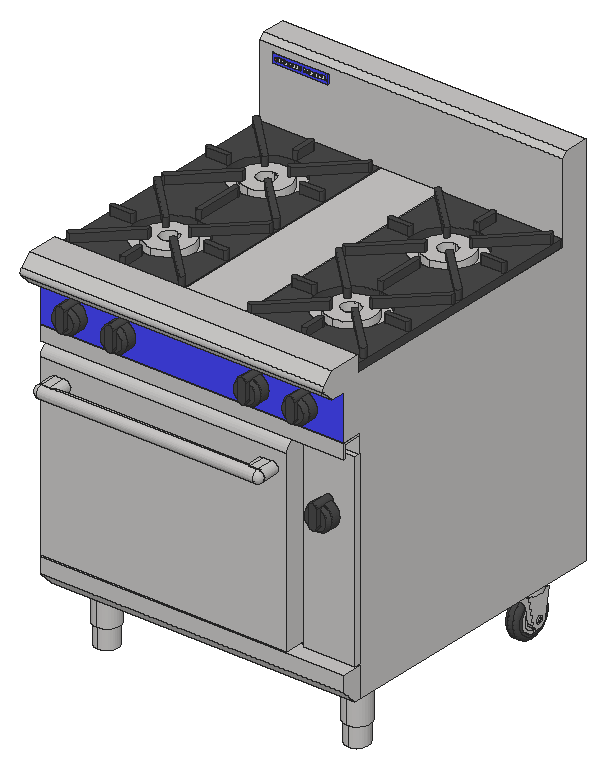
Revit family "QF_MOFFAT_BLUESEAL_CE_G505D", category Specialty Equipment, Revit 2012 (continued)
Lines and regions (mm)
  symbolic lines
    curve 146: line (178.593, -512.407, 0) -> (291.73, -399.27, 0)
    curve 147: line (291.767, -537.634, 0) -> (240.041, -537.634, 0)
    curve 148: arc (150, -480.5, 150) -> (207, -537.5, 150) -> (150, -594.5, 150) r 57
    curve 149: arc (150, -594.5, 150) -> (93, -537.5, 150) -> (150, -480.5, 150) r 57
    curve 150: arc (150, -622.768, 150) -> (235, -537.768, 150) -> (150, -452.768, 150) r 85
    curve 151: arc (150, -452.768, 150) -> (65, -537.768, 150) -> (150, -622.768, 150) r 85
    curve 152: arc (150, -515.5, 150) -> (128, -537.5, 150) -> (150, -559.5, 150) r 22
    curve 153: arc (150, -559.5, 150) -> (172, -537.5, 150) -> (150, -515.5, 150) r 22
    curve 154: line (121.407, -512.407, 0) -> (8.27, -399.27, 0)
    curve 155: line (178.593, -562.593, 0) -> (291.73, -675.73, 0)
    curve 156: line (121.407, -562.593, 0) -> (8.27, -675.73, 0)
    curve 157: line (150.034, -96.281, 0) -> (150.034, -149.16, 0)
    curve 158: line (178.593, -269.593, 0) -> (291.73, -382.73, 0)
    curve 159: line (121.407, -269.593, 0) -> (8.27, -382.73, 0)
    curve 160: line (9.26, -241, 0) -> (59.26, -241, 0)
    curve 161: line (291.767, -241, 0) -> (240.041, -241, 0)
    curve 162: arc (150, -322.5, 150) -> (235, -237.5, 150) -> (150, -152.5, 150) r 85
    curve 163: arc (150, -152.5, 150) -> (65, -237.5, 150) -> (150, -322.5, 150) r 85
    curve 164: arc (150, -180.5, 150) -> (207, -237.5, 150) -> (150, -294.5, 150) r 57
    curve 165: arc (150, -294.5, 150) -> (93, -237.5, 150) -> (150, -180.5, 150) r 57
    curve 166: arc (150, -259.5, 150) -> (172, -237.5, 150) -> (150, -215.5, 150) r 22
    curve 167: arc (150, -215.5, 150) -> (128, -237.5, 150) -> (150, -259.5, 150) r 22
    curve 168: line (178.593, -205.407, 0) -> (291.73, -92.27, 0)
    curve 169: line (121.407, -205.407, 0) -> (8.27, -92.27, 0)
    curve 170: line (32.794, -18.385, 150) -> (260.753, -18.385, 150)
    curve 171: arc (260.753, -18.385, 150) -> (265.753, -19.725, 150) -> (269.413, -23.385, 150) r 10
    curve 172: line (269.413, -23.385, 150) -> (273.455, -30.385, 150)
    curve 173: arc (273.455, -30.385, 150) -> (273.455, -40.385, 150) -> (264.794, -45.385, 150) r 10
    curve 174: line (264.794, -45.385, 150) -> (36.836, -45.385, 150)
    curve 175: arc (36.836, -45.385, 150) -> (31.836, -44.045, 150) -> (28.176, -40.385, 150) r 10
    curve 176: line (28.176, -40.385, 150) -> (24.134, -33.385, 150)
    curve 177: arc (24.134, -33.385, 150) -> (24.134, -23.385, 150) -> (32.794, -18.385, 150) r 10
    curve 178: line (710.753, -18.385, 150) -> (482.794, -18.385, 150)
    curve 179: arc (482.794, -18.385, 150) -> (474.134, -23.385, 150) -> (474.134, -33.385, 150) r 10
    curve 180: line (474.134, -33.385, 150) -> (478.176, -40.385, 150)
    curve 181: arc (478.176, -40.385, 150) -> (481.836, -44.045, 150) -> (486.836, -45.385, 150) r 10
    curve 182: line (486.836, -45.385, 150) -> (714.794, -45.385, 150)
    curve 183: arc (714.794, -45.385, 150) -> (723.455, -40.385, 150) -> (723.455, -30.385, 150) r 10
    curve 184: line (723.455, -30.385, 150) -> (719.413, -23.385, 150)
    curve 185: arc (719.413, -23.385, 150) -> (715.753, -19.725, 150) -> (710.753, -18.385, 150) r 10
    curve 186: line (0, -783.97, 150) -> (750, -783.97, 150)
    curve 187: line (0, -57.5, 150) -> (750, -57.5, 150)
  symbolic lines, style "QF_Door-Drawer Clearances", visible <- "Show Clearance"
    curve 116: line (0, -812, 0) -> (0, -1211.516, 0)
    curve 117: line (0, -1211.516, 0) -> (610, -1211.516, 0)
    curve 118: line (610, -1211.516, 0) -> (610, -812, 0)
Dimensions and locks
  equal spacing: plane 3 "LEFT", plane 7 "Center Y", plane 4 "RIGHT"
  "Width": plane 3 "LEFT" to plane 4 "RIGHT"
  equal spacing: plane 5 "FRONT", plane 8 "Center X", plane 1 "BACK"
  "Depth": plane 5 "FRONT" to plane 1 "BACK"
  equal spacing: plane 4 "RIGHT", plane 7 "Center Y", plane 3 "LEFT"
  plane 4 "RIGHT" to plane 3 "LEFT" = 750 mm
  plane 6 "TOP" to level = 970 mm  (x2)
  Extrusion 2 to level = 655 mm
  Extrusion 2 to plane 1 "BACK" = 32 mm
  plane 5 "FRONT" to plane 1 "BACK" = 812 mm
  Extrusion 1 to level = 915 mm
  plane 10 "Base Height" to level = 150 mm
  plane 6 "TOP" to plane 2 = 970 mm
  locked: plane 2 to Extrusion 1 sketch curve at 875
  locked: plane 2 to Extrusion 1 sketch curve at 915
  Extrusion 4 sketch curve to plane 11 = 64.8 mm
  locked: plane 13 to plane 4 "RIGHT" at 65
  plane 14 to Extrusion 9 sketch curve = 64.8 mm
  plane 1 "BACK" to plane 15 = 500 mm
  plane 17 to level = 1085 mm
  "Height": plane 17 to level
  Revolve 32 sketch curve to Revolve 32 sketch curve = 50.8 mm
  Revolve 36 sketch curve to Revolve 36 sketch curve = 50.8 mm
  aligned and locked: level to plane 2
  aligned and locked: curve 3 to plane 4 "RIGHT"
  aligned and locked: Extrusion 4 to curve 7
  aligned and locked: Extrusion 1 to plane 4 "RIGHT"
  aligned and locked: Revolve 6 to plane 13  (x5)
  aligned and locked: Extrusion 7 to Extrusion 4
Automatic sketch dimensions
  plane 12 to Extrusion 2 sketch curve = 0.062 mm
  plane 1 "BACK" to Extrusion 2 sketch curve = 32 mm
  Revolve 3 sketch curve to plane 10 "Base Height" = 0 mm
  Revolve 3 sketch curve to level = 0 mm
  level to Revolve 3 sketch curve = 50 mm
  Revolve 3 sketch curve to plane 5 "FRONT" = 155.25 mm
  Revolve 3 sketch curve to Revolve 3 sketch curve = 4.25 mm
  Revolve 3 sketch curve to Revolve 3 sketch curve = 27.5 mm  (x2)
  Revolve 3 sketch curve to Revolve 3 sketch curve = 55 mm
  Revolve 3 sketch curve to Revolve 3 sketch curve = 0 mm
  Revolve 6 sketch curve to plane 10 "Base Height" = 0 mm
  Revolve 6 sketch curve to level = 0 mm
  level to Revolve 6 sketch curve = 50 mm
  Revolve 6 sketch curve to plane 5 "FRONT" = 155.25 mm
  Revolve 6 sketch curve to Revolve 6 sketch curve = 4.25 mm
  Revolve 6 sketch curve to Revolve 6 sketch curve = 27.5 mm  (x2)
  Revolve 6 sketch curve to Revolve 6 sketch curve = 0 mm
  Revolve 6 sketch curve to Revolve 6 sketch curve = 55 mm
  plane 12 to Extrusion 8 sketch curve = 5 mm
  Extrusion 8 sketch curve to plane 6 "TOP" = 277.5 mm
  Extrusion 8 sketch curve to plane 12 = 10 mm
  plane 10 "Base Height" to Extrusion 8 sketch curve = 77.5 mm
  Revolve 10 sketch curve to plane 5 "FRONT" = 63 mm
  Revolve 10 sketch curve to Revolve 10 sketch curve = 10 mm
  Revolve 10 sketch curve to Revolve 10 sketch curve = 21.3 mm
  Revolve 10 sketch curve to Revolve 10 sketch curve = 23 mm
  Revolve 10 sketch curve to plane 5 "FRONT" = 19 mm
  Revolve 10 sketch curve to Revolve 10 sketch curve = 0 mm  (x2)
  Revolve 10 sketch curve to plane 6 "TOP" = 174 mm
  Revolve 10 sketch curve to Revolve 10 sketch curve = 5 mm
  Revolve 10 sketch curve to Revolve 10 sketch curve = 26.651 mm
  Revolve 10 sketch curve to Revolve 10 sketch curve = 5.849 mm
  Revolve 11 sketch curve to plane 5 "FRONT" = 19 mm
  Revolve 11 sketch curve to Revolve 11 sketch curve = 0 mm  (x2)
  Revolve 11 sketch curve to Revolve 11 sketch curve = 11 mm
  Revolve 11 sketch curve to Revolve 11 sketch curve = 12.7 mm
  Revolve 11 sketch curve to Revolve 11 sketch curve = 23 mm
  Revolve 11 sketch curve to Revolve 11 sketch curve = 10 mm
  Revolve 11 sketch curve to plane 6 "TOP" = 141.732 mm
  Revolve 11 sketch curve to Revolve 11 sketch curve = 5.849 mm
  Revolve 11 sketch curve to Revolve 11 sketch curve = 27.5 mm
  Revolve 11 sketch curve to Revolve 11 sketch curve = 5 mm
  plane 3 "LEFT" to Extrusion 12 sketch curve = 100 mm
  Extrusion 12 sketch curve to Extrusion 12 sketch curve = 10 mm
  Extrusion 12 sketch curve to plane 6 "TOP" = 147.105 mm
  Extrusion 12 sketch curve to Extrusion 12 sketch curve = 39 mm
  Extrusion 13 sketch curve to plane 7 "Center Y" = 153.818 mm
  Extrusion 13 sketch curve to Extrusion 13 sketch curve = 10 mm
  Extrusion 13 sketch curve to plane 6 "TOP" = 147.105 mm
  Extrusion 13 sketch curve to Extrusion 13 sketch curve = 39 mm
  Revolve 14 sketch curve to plane 5 "FRONT" = 63 mm
  Revolve 14 sketch curve to Revolve 14 sketch curve = 10 mm
  Revolve 14 sketch curve to Revolve 14 sketch curve = 21.3 mm
  Revolve 14 sketch curve to Revolve 14 sketch curve = 23 mm
  Revolve 14 sketch curve to plane 5 "FRONT" = 19 mm
  Revolve 14 sketch curve to Revolve 14 sketch curve = 0 mm  (x2)
  Revolve 14 sketch curve to plane 6 "TOP" = 141.5 mm
  Revolve 14 sketch curve to Revolve 14 sketch curve = 5.849 mm
  Revolve 14 sketch curve to Revolve 14 sketch curve = 27.5 mm
  Revolve 14 sketch curve to Revolve 14 sketch curve = 5 mm
  Revolve 15 sketch curve to plane 5 "FRONT" = 19 mm
  Revolve 15 sketch curve to Revolve 15 sketch curve = 0 mm  (x2)
  Revolve 15 sketch curve to Revolve 15 sketch curve = 11 mm
  Revolve 15 sketch curve to Revolve 15 sketch curve = 12.7 mm
  Revolve 15 sketch curve to Revolve 15 sketch curve = 23 mm
  Revolve 15 sketch curve to Revolve 15 sketch curve = 10 mm
  Revolve 15 sketch curve to plane 6 "TOP" = 174.232 mm
  Revolve 15 sketch curve to Revolve 15 sketch curve = 5 mm
  Revolve 15 sketch curve to Revolve 15 sketch curve = 26.651 mm
  Revolve 15 sketch curve to Revolve 15 sketch curve = 5.849 mm
  plane 16 to Extrusion 16 sketch curve = 26 mm
  Extrusion 16 sketch curve to Extrusion 16 sketch curve = 10 mm
  Extrusion 16 sketch curve to plane 6 "TOP" = 186.105 mm
  Extrusion 16 sketch curve to Extrusion 16 sketch curve = 39 mm
  Extrusion 17 sketch curve to plane 12 = 90 mm
  Extrusion 17 sketch curve to Extrusion 17 sketch curve = 10 mm
  Extrusion 17 sketch curve to plane 6 "TOP" = 186.105 mm
  Extrusion 17 sketch curve to Extrusion 17 sketch curve = 39 mm
  Revolve 18 sketch curve to plane 5 "FRONT" = 54.5 mm
  Revolve 18 sketch curve to Revolve 18 sketch curve = 0 mm  (x2)
  Revolve 18 sketch curve to Revolve 18 sketch curve = 11 mm
  Revolve 18 sketch curve to Revolve 18 sketch curve = 12.7 mm
  Revolve 18 sketch curve to Revolve 18 sketch curve = 23 mm
  Revolve 18 sketch curve to Revolve 18 sketch curve = 10 mm
  plane 10 "Base Height" to Revolve 18 sketch curve = 402.134 mm
  Revolve 18 sketch curve to Revolve 18 sketch curve = 5 mm
  Revolve 18 sketch curve to Revolve 18 sketch curve = 26.651 mm
  Revolve 18 sketch curve to Revolve 18 sketch curve = 5.849 mm
  Extrusion 19 sketch curve to plane 16 = 1.529 mm
  Extrusion 19 sketch curve to plane 13 = 2.529 mm
  plane 10 "Base Height" to Extrusion 19 sketch curve = 390.261 mm
  Extrusion 19 sketch curve to Extrusion 19 sketch curve = 39 mm
  Extrusion 20 sketch curve to plane 5 "FRONT" = 63 mm
  plane 10 "Base Height" to Extrusion 20 sketch curve = 77.5 mm
  plane 5 "FRONT" to Extrusion 20 sketch curve = 399.516 mm
  plane 13 to Extrusion 21 sketch curve = 4 mm
  Extrusion 21 sketch curve to plane 12 = 20 mm
  Extrusion 21 sketch curve to plane 12 = 68.5 mm
  Extrusion 21 sketch curve to plane 1 "BACK" = 30.24 mm
  plane 1 "BACK" to Extrusion 21 sketch curve = 38.76 mm
  plane 9 to Extrusion 21 sketch curve = 12.74 mm
  plane 3 "LEFT" to Extrusion 24 sketch curve = 58.528 mm
  Extrusion 24 sketch curve to plane 6 "TOP" = 361.875 mm  (x2)
  Extrusion 24 sketch curve to plane 12 = 67.243 mm
  Extrusion 24 sketch curve to Extrusion 24 sketch curve = 15 mm  (x2)
  Extrusion 24 sketch curve to Extrusion 24 sketch curve = 20.282 mm  (x2)
  Revolve 25 sketch curve to plane 3 "LEFT" = 6.961 mm
  plane 3 "LEFT" to Revolve 25 sketch curve = 23.246 mm
  Revolve 25 sketch curve to Revolve 25 sketch curve = 15 mm
  Revolve 25 sketch curve to plane 12 = 46.961 mm
  Revolve 25 sketch curve to Revolve 25 sketch curve = 0 mm  (x2)
  Revolve 25 sketch curve to plane 6 "TOP" = 346.875 mm
  Extrusion 26 sketch curve to plane 5 "FRONT" = 63 mm
  Extrusion 26 sketch curve to Extrusion 26 sketch curve = 26.195 mm
  Extrusion 26 sketch curve to Extrusion 26 sketch curve = 50 mm
  plane 10 "Base Height" to Extrusion 26 sketch curve = 77.5 mm
  Extrusion 26 sketch curve to plane 6 "TOP" = 303.695 mm
  Extrusion 27 sketch curve to plane 5 "FRONT" = 63 mm
  Extrusion 27 sketch curve to Extrusion 27 sketch curve = 3.02 mm
  Extrusion 27 sketch curve to Extrusion 27 sketch curve = 44.98 mm
  Extrusion 27 sketch curve to plane 6 "TOP" = 267 mm
  Extrusion 27 sketch curve to Extrusion 27 sketch curve = 32 mm
  Extrusion 27 sketch curve to Extrusion 27 sketch curve = 3 mm
  Extrusion 28 sketch curve to plane 5 "FRONT" = 63 mm
  plane 9 to Extrusion 9 sketch curve = 29 mm
  Extrusion 9 sketch curve to Extrusion 9 sketch curve = 3 mm  (x3)
  Extrusion 9 sketch curve to plane 12 = 20 mm  (x2)
  Extrusion 9 sketch curve to plane 9 = 137.5 mm
  Extrusion 9 sketch curve to plane 15 = 37.768 mm
  Extrusion 9 sketch curve to plane 5 "FRONT" = 110 mm  (x2)
  plane 7 "Center Y" to Extrusion 9 sketch curve = 78 mm
  plane 9 to Extrusion 4 sketch curve = 29 mm
  Extrusion 4 sketch curve to Extrusion 4 sketch curve = 3 mm  (x3)
  Extrusion 4 sketch curve to plane 9 = 137.5 mm
  Extrusion 4 sketch curve to plane 15 = 37.768 mm
  Extrusion 4 sketch curve to plane 5 "FRONT" = 110 mm  (x2)
  Extrusion 4 sketch curve to plane 11 = 84.2 mm  (x2)
  Extrusion 4 sketch curve to plane 7 "Center Y" = 78 mm
  curve 121 to curve 125 = 0 mm  (x2)
  curve 137 to curve 139 = 0 mm  (x2)
  curve 137 to curve 141 = 0 mm  (x2)
  curve 148 to curve 152 = 0 mm
  curve 149 to curve 153 = 0 mm
  curve 163 to curve 165 = 0 mm  (x2)
  curve 163 to curve 166 = 0 mm
  curve 163 to curve 167 = 0 mm
  curve 121 to plane 12 = 20 mm
  curve 123 to curve 121 = 0 mm
  curve 137 to plane 12 = 20 mm
  curve 148 to plane 15 = 37.5 mm
  plane 3 "LEFT" to curve 148 = 150 mm
  curve 150 to curve 148 = 0 mm
  plane 3 "LEFT" to curve 162 = 150 mm
  curve 126 to plane 15 = 37.5 mm
  curve 152 to plane 15 = 15.5 mm
  curve 125 to plane 15 = 15.5 mm
  plane 15 to curve 122 = 19.5 mm
  plane 15 to curve 149 = 19.5 mm
  curve 151 to curve 148 = 27.732 mm
  curve 124 to curve 121 = 27.732 mm
  plane 8 "Center X" to curve 163 = 83.5 mm
  plane 8 "Center X" to curve 137 = 83.5 mm
  curve 140 to curve 137 = 28 mm
  curve 164 to curve 162 = 28 mm
  curve 142 to curve 139 = 35 mm
  curve 166 to curve 164 = 35 mm
  curve 139 to curve 142 = 22 mm
  curve 164 to curve 166 = 22 mm
  curve 121 to curve 123 = 0.268 mm
  curve 148 to curve 151 = 0.268 mm
  plane 1 "BACK" to curve 1 = 0 mm
  curve 1 to plane 3 "LEFT" = 0 mm
  curve 34 to plane 7 "Center Y" = 0 mm
  curve 100 to plane 7 "Center Y" = 0 mm
  curve 46 to plane 7 "Center Y" = 0 mm
  curve 94 to plane 7 "Center Y" = 0 mm
  curve 29 to plane 7 "Center Y" = 0 mm
  curve 106 to plane 7 "Center Y" = 0 mm
  curve 52 to plane 7 "Center Y" = 0 mm
  curve 23 to plane 7 "Center Y" = 0 mm
  curve 89 to plane 7 "Center Y" = 0 mm
  curve 58 to plane 7 "Center Y" = 0 mm
  curve 40 to plane 7 "Center Y" = 0 mm
  curve 17 to plane 7 "Center Y" = 0 mm
  curve 11 to plane 7 "Center Y" = 0 mm
  curve 64 to plane 7 "Center Y" = 0 mm
  curve 83 to plane 7 "Center Y" = 0 mm
  curve 70 to plane 7 "Center Y" = 0 mm
  curve 76 to plane 7 "Center Y" = 0 mm
  plane 5 "FRONT" to curve 118 = 0 mm
  plane 3 "LEFT" to curve 156 = 8.27 mm
  plane 3 "LEFT" to curve 159 = 8.27 mm
  plane 3 "LEFT" to curve 169 = 8.27 mm
  plane 3 "LEFT" to curve 154 = 8.27 mm
  plane 3 "LEFT" to curve 160 = 9.26 mm
  plane 3 "LEFT" to curve 145 = 9.26 mm
  curve 145 to curve 145 = 50 mm
  curve 160 to curve 160 = 50 mm
  curve 145 to curve 156 = 62.147 mm
  curve 160 to curve 159 = 62.147 mm
  curve 169 to curve 159 = 0 mm
  curve 154 to plane 15 = 12.407 mm
  curve 154 to curve 156 = 0 mm
  curve 154 to curve 143 = 28.581 mm
  curve 156 to curve 144 = 28.628 mm
  curve 169 to curve 157 = 28.628 mm
  curve 159 to curve 158 = 57.187 mm
  curve 169 to curve 168 = 57.187 mm
  curve 155 to plane 15 = 62.593 mm
  curve 156 to curve 155 = 57.187 mm
  curve 146 to plane 15 = 12.407 mm
  curve 146 to curve 155 = 0 mm
  curve 155 to curve 147 = 61.447 mm
  curve 158 to curve 161 = 61.447 mm
  plane 8 "Center X" to curve 158 = 23.27 mm
  curve 158 to curve 7 = 8.27 mm
  curve 155 to curve 119 = 8.27 mm
  plane 8 "Center X" to curve 146 = 6.73 mm
  curve 146 to curve 7 = 8.27 mm  (x2)
  plane 9 to curve 168 = 7.73 mm
  curve 168 to curve 119 = 8.27 mm
  curve 161 to curve 161 = 51.727 mm
  curve 147 to curve 147 = 51.727 mm
  curve 69 to plane 7 "Center Y" = 47.424 mm
  curve 147 to curve 81 = 35.809 mm
  plane 15 to curve 74 = 10.963 mm
  curve 74 to curve 68 = 0 mm
  curve 8 to plane 9 = 15.037 mm
  curve 168 to curve 8 = 35.846 mm
  curve 86 to curve 80 = 0 mm
  curve 63 to curve 68 = 0 mm
  curve 14 to curve 8 = 0 mm
  plane 8 "Center X" to curve 57 = 10.963 mm
  curve 57 to curve 62 = 0 mm
  curve 20 to curve 14 = 0 mm
  curve 92 to curve 86 = 0 mm
  curve 51 to curve 56 = 0 mm
  curve 155 to curve 105 = 35.846 mm
  curve 26 to curve 20 = 0 mm
  curve 45 to curve 50 = 0 mm
  curve 32 to curve 26 = 0 mm
  curve 98 to curve 104 = 0 mm
  curve 39 to curve 44 = 0 mm
  curve 67 to plane 8 "Center X" = 23.037 mm
  curve 64 to curve 67 = 47.424 mm
  curve 84 to plane 15 = 23.037 mm
  curve 82 to curve 84 = 47.424 mm
  curve 61 to curve 66 = 0 mm
  curve 55 to curve 60 = 0 mm
  curve 90 to curve 84 = 0 mm
  curve 49 to curve 54 = 0 mm
  curve 43 to curve 48 = 0 mm
  curve 96 to curve 90 = 0 mm
  curve 72 to curve 66 = 0 mm
  curve 37 to curve 42 = 0 mm
  curve 31 to curve 36 = 0 mm
  curve 102 to curve 96 = 0 mm
  curve 25 to curve 30 = 0 mm
  curve 19 to curve 24 = 0 mm
  curve 108 to curve 102 = 0 mm
  plane 15 to curve 78 = 10.963 mm
  curve 78 to curve 84 = 0 mm
  curve 12 to curve 18 = 0 mm
  curve 84 to curve 115 = 35.809 mm
  curve 36 to curve 136 = 35.809 mm
  plane 8 "Center X" to curve 131 = 23.27 mm
  curve 114 to curve 131 = 8.27 mm
  plane 8 "Center X" to curve 113 = 6.73 mm
  curve 114 to curve 113 = 8.27 mm
  plane 9 to curve 133 = 7.73 mm
  curve 120 to curve 133 = 8.27 mm
  curve 120 to curve 128 = 8.27 mm
  curve 115 to curve 115 = 51.727 mm
  curve 136 to curve 136 = 51.727 mm
  curve 133 to plane 12 = 48.593 mm
  curve 113 to plane 15 = 12.407 mm
  curve 113 to plane 12 = 48.593 mm
  curve 131 to plane 12 = 48.593 mm
  curve 128 to plane 12 = 48.593 mm
  plane 9 to curve 130 = 3.719 mm
  curve 130 to plane 12 = 20.034 mm
  curve 111 to plane 12 = 20.034 mm
  curve 110 to plane 12 = 19.988 mm
  curve 117 to plane 12 = 10 mm
  plane 12 to curve 127 = 8.593 mm
  plane 12 to curve 132 = 8.593 mm
  plane 12 to curve 134 = 8.593 mm
  plane 12 to curve 129 = 8.593 mm
  curve 112 to plane 13 = 5.74 mm
  curve 135 to plane 13 = 5.74 mm
  plane 4 "RIGHT" to curve 135 = 9.26 mm
  plane 4 "RIGHT" to curve 112 = 9.26 mm
  plane 4 "RIGHT" to curve 129 = 8.27 mm
  plane 4 "RIGHT" to curve 127 = 8.27 mm
  plane 4 "RIGHT" to curve 132 = 8.27 mm
  plane 4 "RIGHT" to curve 134 = 8.27 mm
  curve 116 to curve 1 = 399.516 mm
  curve 5 to plane 5 "FRONT" = 107 mm
  curve 119 to plane 5 "FRONT" = 107 mm
  curve 120 to plane 5 "FRONT" = 107 mm
  curve 111 to plane 5 "FRONT" = 130.732 mm
  curve 144 to curve 155 = 118.675 mm
  curve 119 to curve 155 = 29.27 mm
  curve 120 to curve 128 = 29.27 mm
  curve 5 to curve 129 = 29.27 mm
  curve 5 to curve 156 = 29.27 mm
  curve 155 to curve 104 = 8.693 mm
  curve 104 to curve 106 = 0 mm
  curve 128 to curve 108 = 8.693 mm
  curve 104 to curve 105 = 8 mm
  curve 108 to curve 109 = 8 mm
  curve 106 to curve 106 = 8 mm
  curve 108 to curve 102 = 18 mm
  curve 106 to curve 100 = 18 mm
  curve 104 to curve 98 = 18 mm
  curve 144 to curve 144 = 52.71 mm
  curve 111 to curve 111 = 52.71 mm
  curve 100 to curve 100 = 8 mm
  curve 98 to curve 99 = 8 mm
  curve 102 to curve 103 = 8 mm
  curve 102 to curve 96 = 18 mm
  curve 100 to curve 94 = 18 mm
  curve 98 to curve 93 = 18 mm
  curve 92 to curve 93 = 8 mm
  curve 96 to curve 97 = 8 mm
  curve 94 to curve 94 = 8 mm
  curve 96 to curve 90 = 18 mm
  curve 94 to curve 89 = 18 mm
  curve 92 to curve 86 = 18 mm
  curve 128 to curve 113 = 50.187 mm
  curve 156 to curve 154 = 50.187 mm
  curve 128 to curve 129 = 0 mm
  curve 90 to curve 90 = 8 mm
  curve 88 to curve 88 = 8 mm
  curve 86 to curve 87 = 8 mm
  curve 86 to curve 147 = 11.403 mm
  curve 112 to plane 15 = 37.634 mm
  curve 145 to plane 15 = 37.634 mm
  curve 90 to curve 115 = 11.403 mm
  curve 86 to curve 80 = 18 mm
  curve 88 to curve 83 = 18 mm
  curve 85 to curve 84 = 8 mm
  curve 82 to curve 83 = 8 mm
  curve 80 to curve 81 = 8 mm
  curve 127 to plane 15 = 12.407 mm
  plane 15 to curve 79 = 2.963 mm
  plane 15 to curve 74 = 2.963 mm
  plane 15 to curve 77 = 2.963 mm
  curve 76 to curve 77 = 8 mm
  curve 78 to curve 72 = 18 mm
  curve 76 to curve 71 = 18 mm
  curve 74 to curve 69 = 18 mm
  curve 70 to curve 71 = 8 mm
  curve 68 to curve 69 = 8 mm
  curve 72 to curve 72 = 8 mm
  curve 110 to plane 8 "Center X" = 42.358 mm
  curve 143 to plane 8 "Center X" = 42.358 mm
  curve 70 to curve 65 = 18 mm
  curve 68 to curve 62 = 18 mm
  curve 62 to curve 63 = 8 mm
  curve 66 to curve 67 = 8 mm
  curve 64 to curve 64 = 8 mm
  plane 8 "Center X" to curve 154 = 6.73 mm
  plane 8 "Center X" to curve 127 = 6.73 mm
  plane 8 "Center X" to curve 59 = 10.963 mm
  plane 8 "Center X" to curve 60 = 10.963 mm
  curve 127 to curve 114 = 8.27 mm
  curve 56 to curve 56 = 8 mm
  curve 60 to curve 61 = 8 mm
  curve 58 to curve 59 = 8 mm
  curve 114 to curve 132 = 8.27 mm
  curve 7 to curve 159 = 8.27 mm
  curve 60 to curve 54 = 18 mm
  curve 56 to curve 50 = 18 mm
  curve 58 to curve 53 = 18 mm
  curve 54 to curve 54 = 8 mm
  curve 50 to curve 51 = 8 mm
  curve 52 to curve 53 = 8 mm
  plane 8 "Center X" to curve 143 = 74.222 mm
  curve 50 to curve 44 = 18 mm
  curve 52 to curve 46 = 18 mm
  curve 54 to curve 49 = 18 mm
  plane 8 "Center X" to curve 110 = 80 mm
  curve 44 to curve 44 = 8 mm
  curve 48 to curve 49 = 8 mm
  curve 46 to curve 46 = 8 mm
  curve 48 to curve 43 = 18 mm
  curve 46 to curve 40 = 18 mm
  curve 44 to curve 38 = 18 mm
  curve 42 to curve 43 = 8 mm
  curve 40 to curve 41 = 8 mm
  curve 38 to curve 38 = 8 mm
  curve 110 to curve 131 = 56.407 mm
  curve 143 to curve 159 = 62.185 mm
  curve 131 to curve 132 = 0 mm
  curve 159 to curve 158 = 0 mm
  curve 40 to curve 35 = 18 mm
  curve 38 to curve 33 = 18 mm
  curve 42 to curve 36 = 18 mm
  curve 36 to curve 36 = 8 mm
  curve 32 to curve 32 = 8 mm
  curve 34 to curve 34 = 8 mm
  curve 158 to curve 161 = 28.593 mm
  curve 132 to curve 135 = 28.593 mm
  curve 36 to curve 136 = 2.037 mm
  curve 159 to curve 160 = 28.593 mm
  curve 34 to curve 28 = 18 mm
  curve 32 to curve 26 = 18 mm
  curve 36 to curve 31 = 18 mm
  curve 30 to curve 31 = 8 mm
  curve 26 to curve 27 = 8 mm
  curve 28 to curve 29 = 8 mm
  curve 159 to curve 169 = 64.187 mm
  curve 132 to curve 134 = 64.187 mm
  curve 133 to curve 134 = 0 mm
  curve 169 to curve 168 = 0 mm
  curve 26 to curve 20 = 18 mm
  curve 28 to curve 22 = 18 mm
  curve 30 to curve 24 = 18 mm
  curve 20 to curve 21 = 8 mm
  curve 24 to curve 25 = 8 mm
  curve 22 to curve 22 = 8 mm
  curve 24 to curve 18 = 18 mm
  curve 20 to curve 15 = 18 mm
  curve 22 to curve 16 = 18 mm
  curve 130 to plane 9 = 49.16 mm
  curve 157 to plane 9 = 49.16 mm
  curve 18 to curve 19 = 8 mm
  curve 14 to curve 14 = 8 mm
  curve 16 to curve 17 = 8 mm
  curve 8 to curve 8 = 8 mm
  curve 16 to curve 10 = 18 mm
  curve 18 to curve 12 = 18 mm
  curve 10 to curve 10 = 8 mm
  curve 12 to curve 13 = 8 mm
  plane 9 to curve 157 = 3.719 mm
  plane 9 to curve 169 = 7.73 mm
  plane 9 to curve 134 = 7.73 mm
  curve 133 to curve 120 = 18.27 mm
  curve 168 to curve 119 = 22.27 mm
  Extrusion 1 sketch curve to plane 10 "Base Height" = 0 mm
  Extrusion 1 sketch curve to plane 17 = 0 mm
  Extrusion 1 sketch curve to plane 1 "BACK" = 0 mm
  plane 9 to Extrusion 1 sketch curve = 42.5 mm
  Extrusion 1 sketch curve to Extrusion 1 sketch curve = 12.5 mm
  Extrusion 1 sketch curve to plane 5 "FRONT" = 107 mm
  Extrusion 1 sketch curve to plane 5 "FRONT" = 113 mm
  Extrusion 1 sketch curve to Extrusion 1 sketch curve = 50 mm
  Extrusion 1 sketch curve to plane 5 "FRONT" = 28.03 mm
  Extrusion 1 sketch curve to plane 5 "FRONT" = 27.03 mm
  Extrusion 1 sketch curve to plane 5 "FRONT" = 12.032 mm
  Extrusion 1 sketch curve to plane 5 "FRONT" = 3.531 mm  (x2)
  Extrusion 1 sketch curve to Extrusion 1 sketch curve = 135 mm
  Extrusion 1 sketch curve to Extrusion 1 sketch curve = 25 mm
  Extrusion 1 sketch curve to Extrusion 1 sketch curve = 23.499 mm
  Extrusion 1 sketch curve to Extrusion 1 sketch curve = 8.501 mm
  Extrusion 1 sketch curve to plane 17 = 12.5 mm
  Extrusion 1 to Extrusion 7 sketch curve = 0 mm
  Extrusion 7 sketch curve to Extrusion 1 = 1 mm
  Extrusion 1 to Extrusion 7 sketch curve = 300 mm
  Extrusion 7 sketch curve to Extrusion 7 sketch curve = 150 mm
  Split face 1 sketch curve to Extrusion 7 = 45.037 mm
  Split face 1 sketch curve to Extrusion 7 = 27.576 mm
  Split face 2 sketch curve to Extrusion 7 = 45.037 mm
  Split face 2 sketch curve to Extrusion 7 = 75 mm
  Split face 3 sketch curve to Extrusion 7 = 45.037 mm
  Split face 3 sketch curve to Extrusion 7 = 27.576 mm
  Split face 4 sketch curve to Extrusion 7 = 27.576 mm
  Split face 4 sketch curve to Extrusion 7 = 79.037 mm
  Split face 5 sketch curve to Extrusion 7 = 79.037 mm
  Split face 5 sketch curve to Extrusion 7 = 75 mm
  Split face 6 sketch curve to Extrusion 7 = 27.576 mm
  Split face 6 sketch curve to Extrusion 7 = 79.037 mm
  Split face 7 sketch curve to Extrusion 7 = 27.576 mm
  Split face 7 sketch curve to Extrusion 7 = 113.037 mm
  Split face 8 sketch curve to Extrusion 7 = 113.037 mm
  Split face 8 sketch curve to Extrusion 7 = 75 mm
  Split face 9 sketch curve to Extrusion 7 = 27.576 mm
  Split face 9 sketch curve to Extrusion 7 = 113.037 mm
  Split face 10 sketch curve to Extrusion 7 = 27.576 mm
  Split face 10 sketch curve to Extrusion 7 = 147.037 mm
  Split face 11 sketch curve to Extrusion 7 = 147.037 mm
  Split face 11 sketch curve to Extrusion 7 = 75 mm
  Split face 12 sketch curve to Extrusion 7 = 27.576 mm
  Split face 12 sketch curve to Extrusion 7 = 147.037 mm
  Split face 13 sketch curve to Extrusion 7 = 27.576 mm
  Split face 13 sketch curve to Extrusion 7 = 181.037 mm
  Split face 14 sketch curve to Extrusion 7 = 75 mm
  Split face 14 sketch curve to Extrusion 7 = 181.037 mm
  Split face 15 sketch curve to Extrusion 7 = 27.576 mm
  Split face 15 sketch curve to Extrusion 7 = 181.037 mm
  Split face 16 sketch curve to Extrusion 7 = 27.576 mm
  Split face 16 sketch curve to Extrusion 7 = 215.037 mm
  Split face 17 sketch curve to Extrusion 7 = 75 mm
  Split face 17 sketch curve to Extrusion 7 = 215.037 mm
  Split face 18 sketch curve to Extrusion 7 = 27.576 mm
  Split face 18 sketch curve to Extrusion 7 = 215.037 mm
  Split face 19 sketch curve to Extrusion 7 = 27.576 mm
  Split face 19 sketch curve to Extrusion 7 = 249.037 mm
  Split face 20 sketch curve to Extrusion 7 = 75 mm
  Split face 20 sketch curve to Extrusion 7 = 249.037 mm
  Split face 21 sketch curve to Extrusion 7 = 27.576 mm
  Split face 21 sketch curve to Extrusion 7 = 249.037 mm
  Split face 22 sketch curve to Extrusion 7 = 27.576 mm
  Split face 22 sketch curve to Extrusion 7 = 283.037 mm
  Split face 23 sketch curve to Extrusion 7 = 75 mm
  Split face 23 sketch curve to Extrusion 7 = 283.037 mm
  Split face 24 sketch curve to Extrusion 7 = 27.576 mm
  Split face 24 sketch curve to Extrusion 7 = 283.037 mm
  Split face 25 sketch curve to Extrusion 7 = 27.576 mm
  Split face 25 sketch curve to Extrusion 7 = 316.963 mm
  Split face 26 sketch curve to Extrusion 7 = 75 mm
  Split face 26 sketch curve to Extrusion 7 = 316.963 mm
  Split face 27 sketch curve to Extrusion 7 = 27.576 mm
  Split face 27 sketch curve to Extrusion 7 = 316.963 mm
  Split face 28 sketch curve to Extrusion 7 = 27.576 mm
  Split face 28 sketch curve to Extrusion 7 = 282.963 mm
  Split face 29 sketch curve to Extrusion 7 = 75 mm
  Split face 29 sketch curve to Extrusion 7 = 282.963 mm
  Split face 30 sketch curve to Extrusion 7 = 27.576 mm
  Split face 30 sketch curve to Extrusion 7 = 282.963 mm
  Split face 31 sketch curve to Extrusion 7 = 27.576 mm
  Split face 31 sketch curve to Extrusion 7 = 248.963 mm
  Split face 32 sketch curve to Extrusion 7 = 75 mm
  Split face 32 sketch curve to Extrusion 7 = 248.963 mm
  Split face 33 sketch curve to Extrusion 7 = 27.576 mm
  Split face 33 sketch curve to Extrusion 7 = 248.963 mm
  Split face 34 sketch curve to Extrusion 7 = 27.576 mm
  Split face 34 sketch curve to Extrusion 7 = 214.963 mm
  Split face 35 sketch curve to Extrusion 7 = 75 mm
  Split face 35 sketch curve to Extrusion 7 = 214.963 mm
  Split face 36 sketch curve to Extrusion 7 = 27.576 mm
  Split face 36 sketch curve to Extrusion 7 = 214.963 mm
  Split face 37 sketch curve to Extrusion 7 = 27.576 mm
  Split face 37 sketch curve to Extrusion 7 = 180.963 mm
  Split face 38 sketch curve to Extrusion 7 = 75 mm
  Split face 38 sketch curve to Extrusion 7 = 180.963 mm
  Split face 39 sketch curve to Extrusion 7 = 27.576 mm
  Split face 39 sketch curve to Extrusion 7 = 180.963 mm
  Split face 40 sketch curve to Extrusion 7 = 27.576 mm
  Split face 40 sketch curve to Extrusion 7 = 146.963 mm
  Split face 41 sketch curve to Extrusion 7 = 146.963 mm
  Split face 41 sketch curve to Extrusion 7 = 75 mm
  Split face 42 sketch curve to Extrusion 7 = 27.576 mm
  Split face 42 sketch curve to Extrusion 7 = 146.963 mm
  Split face 43 sketch curve to Extrusion 7 = 27.576 mm
  Split face 43 sketch curve to Extrusion 7 = 112.963 mm
  Split face 44 sketch curve to Extrusion 7 = 112.963 mm
  Split face 44 sketch curve to Extrusion 7 = 75 mm
  Split face 45 sketch curve to Extrusion 7 = 27.576 mm
  Split face 45 sketch curve to Extrusion 7 = 112.963 mm
  Split face 46 sketch curve to Extrusion 7 = 27.576 mm
  Split face 46 sketch curve to Extrusion 7 = 78.963 mm
  Split face 47 sketch curve to Extrusion 7 = 78.963 mm
  Split face 47 sketch curve to Extrusion 7 = 75 mm
  Split face 48 sketch curve to Extrusion 7 = 27.576 mm
  Split face 48 sketch curve to Extrusion 7 = 78.963 mm
  Split face 49 sketch curve to Extrusion 7 = 44.963 mm
  Split face 49 sketch curve to Extrusion 7 = 27.576 mm
  Split face 50 sketch curve to Extrusion 7 = 44.963 mm
  Split face 50 sketch curve to Extrusion 7 = 75 mm
  Split face 51 sketch curve to Extrusion 7 = 44.963 mm
  Split face 51 sketch curve to Extrusion 7 = 27.576 mm
  plane 4 "RIGHT" to Extrusion 22 sketch curve = 0 mm
  Extrusion 22 sketch curve to plane 6 "TOP" = 270 mm
  plane 12 to Extrusion 22 sketch curve = 5 mm
  plane 10 "Base Height" to Extrusion 22 sketch curve = 77.5 mm
  Extrusion 23 sketch curve to Extrusion 23 sketch curve = 0 mm  (x8)
  Extrusion 1 to Extrusion 23 sketch curve = 167.5 mm  (x2)
  Extrusion 23 sketch curve to Extrusion 1 = 167.5 mm  (x2)
  Extrusion 1 to Extrusion 23 sketch curve = 150 mm  (x4)
  Extrusion 5 sketch curve to Extrusion 4 = 19.102 mm  (x4)
  Extrusion 5 sketch curve to Extrusion 5 sketch curve = 4.525 mm  (x32)
  Extrusion 5 sketch curve to Extrusion 4 = 27.593 mm  (x2)
  Extrusion 5 sketch curve to Extrusion 5 sketch curve = 48.456 mm  (x8)
  Extrusion 5 sketch curve to Extrusion 5 sketch curve = 50.976 mm  (x2)
  Extrusion 5 sketch curve to Extrusion 5 sketch curve = 0 mm  (x8)
  Extrusion 5 sketch curve to Extrusion 5 sketch curve = 27.39 mm  (x4)
  Extrusion 5 sketch curve to Extrusion 4 = 9.156 mm  (x2)
  Extrusion 5 sketch curve to Extrusion 5 sketch curve = 6.4 mm  (x14)
  Extrusion 5 sketch curve to Extrusion 5 sketch curve = 20.658 mm  (x4)
  Extrusion 5 sketch curve to Extrusion 5 sketch curve = 55.923 mm  (x2)
  Extrusion 5 sketch curve to Extrusion 4 = 5.102 mm  (x3)
  Extrusion 5 sketch curve to Extrusion 5 sketch curve = 128.581 mm  (x4)
  Extrusion 4 to Extrusion 5 sketch curve = 156.102 mm  (x3)
  Extrusion 5 sketch curve to Extrusion 4 = 6.102 mm  (x2)
  Extrusion 5 sketch curve to Extrusion 4 = 14.153 mm
  Extrusion 5 sketch curve to Extrusion 5 sketch curve = 12.205 mm  (x4)
  Extrusion 5 sketch curve to Extrusion 5 sketch curve = 112.454 mm  (x2)
  Extrusion 5 sketch curve to Extrusion 5 sketch curve = 59.673 mm  (x2)
  Extrusion 5 sketch curve to Extrusion 5 sketch curve = 17.024 mm  (x4)
  Extrusion 5 sketch curve to Extrusion 5 sketch curve = 46.847 mm  (x4)
  Extrusion 5 sketch curve to Extrusion 5 sketch curve = 62.169 mm  (x2)
  Extrusion 5 sketch curve to Extrusion 4 = 36.153 mm  (x4)
  Extrusion 5 sketch curve to Extrusion 4 = 23.4 mm  (x2)
  Extrusion 5 sketch curve to Extrusion 5 sketch curve = 55.413 mm  (x5)
  Extrusion 5 sketch curve to Extrusion 5 sketch curve = 20.524 mm  (x6)
  Extrusion 5 sketch curve to Extrusion 5 sketch curve = 53.847 mm  (x8)
  Extrusion 5 sketch curve to Extrusion 4 = 58.364 mm  (x2)
  Extrusion 5 sketch curve to Extrusion 4 = 15.153 mm
  Extrusion 5 sketch curve to Extrusion 4 = 9.908 mm  (x2)
  Extrusion 5 sketch curve to Extrusion 5 sketch curve = 9.051 mm
  Extrusion 5 sketch curve to Extrusion 5 sketch curve = 3.806 mm  (x2)
  Extrusion 5 sketch curve to Extrusion 5 sketch curve = 55.661 mm  (x3)
  Extrusion 5 sketch curve to Extrusion 5 sketch curve = 128.447 mm  (x3)
  curve 12 to curve 120 = 27.576 mm
  Split face 52 sketch curve to cut or joined group of Extrusion 1, Extrusion 8, Extrusion 21, Extrusion 22 = 27.115 mm
  Split face 52 sketch curve to cut or joined group of Extrusion 1, Extrusion 8, Extrusion 21, Extrusion 22 = 476.545 mm
  Split face 52 sketch curve to cut or joined group of Extrusion 1, Extrusion 8, Extrusion 21, Extrusion 22 = 23.385 mm
  Split face 52 sketch curve to Split face 52 sketch curve = 4.041 mm  (x4)
  Split face 52 sketch curve to Split face 52 sketch curve = 8.66 mm  (x2)
  Split face 52 sketch curve to cut or joined group of Extrusion 1, Extrusion 8, Extrusion 21, Extrusion 22 = 22.115 mm
  Split face 52 sketch curve to Split face 52 sketch curve = 223.917 mm
  Split face 52 sketch curve to cut or joined group of Extrusion 1, Extrusion 8, Extrusion 21, Extrusion 22 = 17.115 mm
  Split face 52 sketch curve to Split face 52 sketch curve = 17 mm
  Split face 52 sketch curve to Split face 52 sketch curve = 7 mm
  Split face 53 sketch curve to cut or joined group of Extrusion 1, Extrusion 8, Extrusion 21, Extrusion 22 = 27.115 mm
  Split face 53 sketch curve to cut or joined group of Extrusion 1, Extrusion 8, Extrusion 21, Extrusion 22 = 26.545 mm
  Split face 53 sketch curve to cut or joined group of Extrusion 1, Extrusion 8, Extrusion 21, Extrusion 22 = 23.385 mm
  Split face 53 sketch curve to Split face 53 sketch curve = 4.041 mm  (x4)
  Split face 53 sketch curve to Split face 53 sketch curve = 8.66 mm  (x2)
  Split face 53 sketch curve to cut or joined group of Extrusion 1, Extrusion 8, Extrusion 21, Extrusion 22 = 22.115 mm
  Split face 53 sketch curve to Split face 53 sketch curve = 223.917 mm
  Split face 53 sketch curve to cut or joined group of Extrusion 1, Extrusion 8, Extrusion 21, Extrusion 22 = 17.115 mm
  Split face 53 sketch curve to Split face 53 sketch curve = 17 mm
  Split face 53 sketch curve to Split face 53 sketch curve = 7 mm
  plane 1 "BACK" to curve 172 = 30.385 mm
  curve 172 to plane 7 "Center Y" = 101.545 mm
  plane 1 "BACK" to curve 172 = 23.385 mm
  curve 172 to curve 172 = 4.041 mm
  curve 172 to curve 173 = 8.66 mm
  curve 172 to curve 171 = 8.66 mm
  plane 3 "LEFT" to curve 174 = 36.836 mm
  curve 175 to curve 170 = 4.041 mm
  curve 174 to curve 175 = 8.66 mm
  curve 176 to curve 177 = 4.041 mm
  plane 1 "BACK" to curve 170 = 18.385 mm
  curve 170 to curve 177 = 10 mm
  curve 171 to curve 173 = 7 mm
  curve 177 to curve 175 = 7 mm
  curve 178 to plane 13 = 25.753 mm
  curve 183 to curve 185 = 4.041 mm  (x2)
  curve 185 to curve 185 = 8.66 mm
  plane 1 "BACK" to curve 181 = 35.385 mm
  plane 7 "Center Y" to curve 181 = 111.836 mm
  curve 181 to curve 179 = 4.041 mm
  curve 182 to curve 181 = 8.66 mm
  plane 1 "BACK" to curve 180 = 33.385 mm
  curve 180 to curve 180 = 4.041 mm
  plane 1 "BACK" to curve 185 = 18.385 mm
  curve 185 to curve 184 = 5 mm
  curve 185 to curve 183 = 7 mm  (x2)
  Extrusion 29 sketch curve to plane 9 = 0 mm
  Extrusion 29 sketch curve to plane 9 = 19.393 mm
  Extrusion 29 sketch curve to plane 9 = 31.75 mm
  plane 9 to Extrusion 29 sketch curve = 19.393 mm
  plane 9 to Extrusion 29 sketch curve = 31.75 mm
  level to Extrusion 29 sketch curve = 45.111 mm
  Extrusion 29 sketch curve to Extrusion 29 sketch curve = 4.889 mm
  Extrusion 29 sketch curve to plane 10 "Base Height" = 40 mm
  Revolve 30 sketch curve to plane 10 "Base Height" = 0 mm
  Revolve 30 sketch curve to plane 9 = 0 mm  (x2)
  Revolve 30 sketch curve to Revolve 30 sketch curve = 35.75 mm
  Revolve 30 sketch curve to plane 10 "Base Height" = 40 mm
  level to Revolve 30 sketch curve = 50 mm
  Revolve 30 sketch curve to level = 55 mm
  Revolve 31 sketch curve to plane 10 "Base Height" = 0 mm
  Revolve 31 sketch curve to plane 9 = 0 mm  (x2)
  Revolve 31 sketch curve to plane 9 = 35.75 mm
  Revolve 31 sketch curve to plane 10 "Base Height" = 40 mm
  level to Revolve 31 sketch curve = 50 mm
  Revolve 31 sketch curve to level = 55 mm
  plane 16 to Revolve 32 sketch curve = 25.382 mm
  Revolve 32 sketch curve to Revolve 32 sketch curve = 1.27 mm  (x4)
  Revolve 32 sketch curve to Revolve 32 sketch curve = 1.524 mm  (x2)
  plane 16 to Revolve 32 sketch curve = 10.442 mm
  plane 16 to Revolve 32 sketch curve = 7.68 mm
  Revolve 32 sketch curve to Revolve 32 sketch curve = 0.794 mm  (x2)
  Revolve 32 sketch curve to Revolve 32 sketch curve = 3.57 mm
  Revolve 32 sketch curve to Revolve 32 sketch curve = 2.143 mm
  Revolve 32 sketch curve to plane 16 = 2.639 mm
  Revolve 32 sketch curve to plane 13 = 5.13 mm
  Revolve 32 sketch curve to plane 13 = 6.339 mm
  Revolve 32 sketch curve to plane 13 = 14.515 mm
  Revolve 32 sketch curve to Revolve 32 sketch curve = 1.349 mm  (x2)
  Revolve 32 sketch curve to Revolve 32 sketch curve = 3.556 mm
  Revolve 32 sketch curve to Revolve 32 sketch curve = 12.146 mm
  Revolve 32 sketch curve to plane 4 "RIGHT" = 2.68 mm
  level to Revolve 32 sketch curve = 50.8 mm
  Revolve 32 sketch curve to Revolve 32 sketch curve = 0 mm
  Revolve 32 sketch curve to Revolve 32 sketch curve = 3.505 mm  (x2)
  Revolve 32 sketch curve to Revolve 32 sketch curve = 3.447 mm  (x2)
  Revolve 32 sketch curve to Revolve 32 sketch curve = 9.964 mm
  Revolve 32 sketch curve to Revolve 32 sketch curve = 10.045 mm
  Revolve 32 sketch curve to Revolve 32 sketch curve = 2.053 mm
  Revolve 32 sketch curve to Revolve 32 sketch curve = 2.061 mm
  Revolve 32 sketch curve to Revolve 32 sketch curve = 8.247 mm
  Revolve 32 sketch curve to Revolve 32 sketch curve = 8.336 mm
  Revolve 32 sketch curve to Revolve 32 sketch curve = 6.35 mm  (x2)
  Extrusion 33 sketch curve to plane 9 = 0 mm
  Extrusion 33 sketch curve to plane 9 = 19.393 mm
  Extrusion 33 sketch curve to plane 9 = 31.75 mm
  plane 9 to Extrusion 33 sketch curve = 19.393 mm
  plane 9 to Extrusion 33 sketch curve = 31.75 mm
  level to Extrusion 33 sketch curve = 45.111 mm
  Extrusion 33 sketch curve to Extrusion 33 sketch curve = 4.889 mm
  Extrusion 33 sketch curve to plane 10 "Base Height" = 40 mm
  Revolve 34 sketch curve to plane 10 "Base Height" = 0 mm
  Revolve 34 sketch curve to level = 0 mm
  Revolve 34 sketch curve to plane 9 = 0 mm  (x2)
  Revolve 34 sketch curve to Revolve 34 sketch curve = 27.5 mm
  Revolve 34 sketch curve to Revolve 34 sketch curve = 31.75 mm
  Revolve 34 sketch curve to level = 55 mm
  Revolve 34 sketch curve to Revolve 34 sketch curve = 50 mm
  Revolve 34 sketch curve to Revolve 34 sketch curve = 0 mm
  Revolve 35 sketch curve to plane 10 "Base Height" = 0 mm
  Revolve 35 sketch curve to level = 0 mm
  Revolve 35 sketch curve to plane 9 = 0 mm  (x2)
  Revolve 35 sketch curve to Revolve 35 sketch curve = 27.5 mm
  Revolve 35 sketch curve to Revolve 35 sketch curve = 31.75 mm
  level to Revolve 35 sketch curve = 50 mm
  Revolve 35 sketch curve to Revolve 35 sketch curve = 0 mm
  Revolve 35 sketch curve to Revolve 35 sketch curve = 55 mm
  plane 3 "LEFT" to Revolve 36 sketch curve = 99.382 mm
  Revolve 36 sketch curve to Revolve 36 sketch curve = 1.27 mm  (x4)
  Revolve 36 sketch curve to Revolve 36 sketch curve = 1.524 mm  (x2)
  Revolve 36 sketch curve to Revolve 36 sketch curve = 12.146 mm  (x2)
  Revolve 36 sketch curve to Revolve 36 sketch curve = 2.762 mm
  Revolve 36 sketch curve to Revolve 36 sketch curve = 0.794 mm  (x2)
  Revolve 36 sketch curve to Revolve 36 sketch curve = 3.57 mm
  Revolve 36 sketch curve to Revolve 36 sketch curve = 2.143 mm
  Revolve 36 sketch curve to Revolve 36 sketch curve = 9.525 mm
  Revolve 36 sketch curve to Revolve 36 sketch curve = 24.572 mm
  Revolve 36 sketch curve to Revolve 36 sketch curve = 12.7 mm
  Revolve 36 sketch curve to Revolve 36 sketch curve = 8.176 mm
  Revolve 36 sketch curve to Revolve 36 sketch curve = 1.349 mm  (x2)
  Revolve 36 sketch curve to Revolve 36 sketch curve = 3.556 mm
  Revolve 36 sketch curve to plane 3 "LEFT" = 2.68 mm
  Revolve 36 sketch curve to plane 10 "Base Height" = 48.4 mm
  Revolve 36 sketch curve to Revolve 36 sketch curve = 6.35 mm  (x4)
  Revolve 36 sketch curve to Revolve 36 sketch curve = 8.247 mm
  Revolve 36 sketch curve to Revolve 36 sketch curve = 8.336 mm
  Revolve 36 sketch curve to Revolve 36 sketch curve = 2.061 mm
  Revolve 36 sketch curve to Revolve 36 sketch curve = 2.053 mm
  Revolve 36 sketch curve to Revolve 36 sketch curve = 10.045 mm
  Revolve 36 sketch curve to Revolve 36 sketch curve = 9.964 mm
  Revolve 36 sketch curve to Revolve 36 sketch curve = 3.447 mm  (x2)
  Revolve 36 sketch curve to Revolve 36 sketch curve = 3.505 mm
  Extrusion 28 sketch curve to plane 10 "Base Height" = 0 mm
  Extrusion 28 sketch curve to Extrusion 28 sketch curve = 36 mm
  Extrusion 28 sketch curve to Extrusion 28 sketch curve = 14 mm
  plane 10 "Base Height" to Extrusion 28 sketch curve = 36 mm
  Extrusion 28 sketch curve to Extrusion 28 sketch curve = 36.5 mm
  radius of Extrusion 2 sketch curve = 13.5 mm
  radius of Extrusion 9 sketch curve = 85 mm  (x2)
  radius of Extrusion 4 sketch curve = 85 mm  (x2)
  radius of Split face 1 sketch curve = 8 mm
  radius of Split face 2 sketch curve = 8 mm
  radius of Split face 3 sketch curve = 8 mm
  radius of Split face 4 sketch curve = 8 mm
  radius of Split face 5 sketch curve = 8 mm
  radius of Split face 6 sketch curve = 8 mm
  radius of Split face 7 sketch curve = 8 mm
  radius of Split face 8 sketch curve = 8 mm
  radius of Split face 9 sketch curve = 8 mm
  radius of Split face 10 sketch curve = 8 mm
  radius of Split face 11 sketch curve = 8 mm
  radius of Split face 12 sketch curve = 8 mm
  radius of Split face 13 sketch curve = 8 mm
  radius of Split face 14 sketch curve = 8 mm
  radius of Split face 15 sketch curve = 8 mm
  radius of Split face 16 sketch curve = 8 mm
  radius of Split face 17 sketch curve = 8 mm
  radius of Split face 18 sketch curve = 8 mm
  radius of Split face 19 sketch curve = 8 mm
  radius of Split face 20 sketch curve = 8 mm
  radius of Split face 21 sketch curve = 8 mm
  radius of Split face 22 sketch curve = 8 mm
  radius of Split face 23 sketch curve = 8 mm
  radius of Split face 24 sketch curve = 8 mm
  radius of Split face 25 sketch curve = 8 mm
  radius of Split face 26 sketch curve = 8 mm
  radius of Split face 27 sketch curve = 8 mm
  radius of Split face 28 sketch curve = 8 mm
  radius of Split face 29 sketch curve = 8 mm
  radius of Split face 30 sketch curve = 8 mm
  radius of Split face 31 sketch curve = 8 mm
  radius of Split face 32 sketch curve = 8 mm
  radius of Split face 33 sketch curve = 8 mm
  radius of Split face 34 sketch curve = 8 mm
  radius of Split face 35 sketch curve = 8 mm
  radius of Split face 36 sketch curve = 8 mm
  radius of Split face 37 sketch curve = 8 mm
  radius of Split face 38 sketch curve = 8 mm
  radius of Split face 39 sketch curve = 8 mm
  radius of Split face 40 sketch curve = 8 mm
  radius of Split face 41 sketch curve = 8 mm
  radius of Split face 42 sketch curve = 8 mm
  radius of Split face 43 sketch curve = 8 mm
  radius of Split face 44 sketch curve = 8 mm
  radius of Split face 45 sketch curve = 8 mm
  radius of Split face 46 sketch curve = 8 mm
  radius of Split face 47 sketch curve = 8 mm
  radius of Split face 48 sketch curve = 8 mm
  radius of Split face 49 sketch curve = 8 mm
  radius of Split face 50 sketch curve = 8 mm
  radius of Split face 51 sketch curve = 8 mm
  radius of Extrusion 23 sketch curve = 57 mm  (x4)
  radius of Extrusion 23 sketch curve = 22 mm  (x4)
Nested families
  nested 1: "WALDORF LOGO_FACE BASE" at (32, -70, 1056.385) x (1, 0, 0) z (0, -1, 0), visible <- "Show Logo", type "WALDORF LOGO_FACE BASE", detail levels medium+fine
    with Show Logo yes
Connectors
  piping at (620.063, -32, 655)
    settings: on Extrusion 2, index 1, connector radius 0.37402", flow factor 0, pipe flow 0 GPM, pressure drop 0.00 psi, fitting loss kfactor 0, connector angle 0.00°, fixture units 0, engagement length 0 mm, flow configuration 1, flow direction 1, fitting loss method 0, system type 7, joint type 0, gender type 0, connector reference index -1, connector utility 0, adjustable connector no, is connector primary yes, fitting loss table "", connector description "GAS CONNECTION"
Definition of nested family "WALDORF LOGO_FACE BASE"
  Parameters (values of type "WALDORF LOGO_FACE BASE")
    Show Logo [instance] = yes
    Default Elevation = 1219.2 mm
  Reference planes
    plane 1 "Center (Front/Back)": y = 0
    plane 2: z = 0
    plane 3 "Center (Left/Right)": x = 0
  Forms (mm)
    Extrusion 1, solid
      sketch origin (0, 0, 0) x (1, 0, 0) y (0, 1, 0)
        loop
          line (-1219.2, 1219.2) -> (-1219.2, -1219.2) -> (1219.2, -1219.2) -> (1219.2, 1219.2) -> (-1219.2, 1219.2)
      from 0 to -304.8
    Extrusion 2, solid, material "QF_Finishes_Blue", visible <- "Show Logo"
      sketch origin (0, -33.217, 0) x (1, 0, 0) y (0, 1, 0)
        loop
          arc (138, 31.942) -> (137.626, 32.844) -> (136.724, 33.217) r 1.276
          line (136.724, 33.217) -> (1.29, 33.217)
          arc (1.29, 33.217) -> (0.378, 32.839) -> (0, 31.927) r 1.29
          line (0, 31.927) -> (0, 11.507)
          arc (0, 11.507) -> (0.378, 10.595) -> (1.29, 10.217) r 1.29
          line (1.29, 10.217) -> (136.71, 10.217)
          arc (136.71, 10.217) -> (137.622, 10.595) -> (138, 11.507) r 1.29
          line (138, 11.507) -> (138, 31.942)
      from 0 to 1.588
    Extrusion 3, solid, material "QF_Finishes_White", visible <- "Show Logo"
      sketch origin (0, -33.217, 1.588) x (1, 0, 0) y (0, 1, 0)
        loop
          arc (108.946, 25.919) -> (107.613, 25.367) -> (107.061, 24.034) r 1.885
          line (107.061, 24.034) -> (107.061, 17.211) -> (112.704, 17.211) -> (112.704, 19.129) -> (115.546, 19.129) -> (115.546, 17.211) -> (121.584, 17.211) -> (121.584, 24.075)
          arc (121.584, 24.075) -> (121.043, 25.379) -> (119.739, 25.919) r 1.845
          line (119.739, 25.919) -> (108.946, 25.919)
        loop
          line (123.478, 25.919) -> (123.478, 17.163) -> (134.904, 17.163) -> (134.904, 19.129) -> (129.246, 19.129) -> (129.246, 25.919) -> (123.478, 25.919)
        loop
          line (112.704, 21.258) -> (115.546, 21.258) -> (115.546, 22.702)
          arc (115.546, 22.702) -> (115.344, 23.188) -> (114.858, 23.389) r 0.687
          line (114.858, 23.389) -> (113.363, 23.389)
          arc (113.363, 23.389) -> (112.897, 23.196) -> (112.704, 22.73) r 0.658
          line (112.704, 22.73) -> (112.704, 21.258)
        loop
          line (105.071, 25.919) -> (93.771, 25.919) -> (93.771, 17.163) -> (105.071, 17.163) -> (105.071, 19.063) -> (99.535, 19.063) -> (99.535, 20.437) -> (105.071, 20.437) -> (105.071, 22.278) -> (99.535, 22.278) -> (99.535, 23.587) -> (105.071, 23.587) -> (105.071, 25.919)
        loop
          line (91.104, 25.919) -> (79.541, 25.919)
          arc (79.541, 25.919) -> (78.558, 25.513) -> (78.152, 24.53) r 1.389
          line (78.152, 24.53) -> (78.152, 22.08)
          arc (78.152, 22.08) -> (78.558, 21.098) -> (79.541, 20.691) r 1.389
          line (79.541, 20.691) -> (86.346, 20.691) -> (86.346, 18.864) -> (83.266, 18.864) -> (83.266, 19.664) -> (78.152, 19.664) -> (78.152, 18.553)
          arc (78.152, 18.553) -> (78.558, 17.57) -> (79.541, 17.163) r 1.389
          line (79.541, 17.163) -> (91.063, 17.163)
          arc (91.063, 17.163) -> (92.045, 17.57) -> (92.452, 18.553) r 1.389
          line (92.452, 18.553) -> (92.452, 20.691)
          arc (92.452, 20.691) -> (92.045, 21.673) -> (91.063, 22.08) r 1.389
          line (91.063, 22.08) -> (83.266, 22.08) -> (83.266, 23.984) -> (86.346, 23.984) -> (86.346, 22.743) -> (92.452, 22.743) -> (92.452, 24.571)
          arc (92.452, 24.571) -> (92.057, 25.524) -> (91.104, 25.919) r 1.348
        loop
          line (70.705, 25.919) -> (59.405, 25.919) -> (59.405, 17.163) -> (70.705, 17.163) -> (70.705, 19.063) -> (65.169, 19.063) -> (65.169, 20.437) -> (70.705, 20.437) -> (70.705, 22.278) -> (65.169, 22.278) -> (65.169, 23.587) -> (70.705, 23.587) -> (70.705, 25.919)
        loop
          line (57.598, 25.919) -> (51.7, 25.919) -> (51.7, 20.18)
          arc (51.7, 20.18) -> (50.63, 19.11) -> (49.56, 20.18) r 1.07
          line (49.56, 20.18) -> (49.56, 25.919) -> (43.663, 25.919) -> (43.663, 19.049)
          arc (43.663, 19.049) -> (44.215, 17.716) -> (45.548, 17.163) r 1.885
          line (45.548, 17.163) -> (55.71, 17.163)
          arc (55.71, 17.163) -> (57.045, 17.716) -> (57.598, 19.051) r 1.887
          line (57.598, 19.051) -> (57.598, 25.919)
        loop
          line (31.62, 25.919) -> (31.62, 17.163) -> (43.046, 17.163) -> (43.046, 19.129) -> (37.388, 19.129) -> (37.388, 25.919) -> (31.62, 25.919)
        loop
          line (15.969, 25.919) -> (15.969, 17.163) -> (28.693, 17.163)
          arc (28.693, 17.163) -> (29.812, 17.627) -> (30.276, 18.746) r 1.582
          line (30.276, 18.746) -> (30.276, 20.447) -> (29.48, 21.243) -> (30.276, 22.039) -> (30.276, 24.332)
          arc (30.276, 24.332) -> (29.811, 25.454) -> (28.688, 25.919) r 1.587
          line (28.688, 25.919) -> (15.969, 25.919)
        loop
          line (21.449, 24.159) -> (21.449, 22.436) -> (23.862, 22.436)
          arc (23.862, 22.436) -> (24.723, 23.298) -> (23.862, 24.159) r 0.861
          line (23.862, 24.159) -> (21.449, 24.159)
        loop
          line (21.449, 20.244) -> (21.449, 18.522) -> (23.862, 18.522)
          arc (23.862, 18.522) -> (24.723, 19.383) -> (23.862, 20.244) r 0.861
          line (23.862, 20.244) -> (21.449, 20.244)
      from 0 to 0.2
    Extrusion 4, solid, material "QF_Finishes_Blue", visible <- "Show Logo"
      sketch origin (-126.498, -31.09, 1.588) x (1, 0, 0) y (0, 1, 0)
        loop
          line (136.738, 23.522) -> (136.738, 15.1)
          arc (136.738, 15.1) -> (140.756, 19.311) -> (136.738, 23.522) r 4.216
      from 0 to 0.2
    Extrusion 5, solid, material "QF_Finishes_Red", visible <- "Show Logo"
      sketch origin (146.849, -31.09, 1.588) x (-1, 0, 0) y (0, -1, 0)
        loop
          arc (136.738, -23.522) -> (140.756, -19.311) -> (136.738, -15.1) r 4.216
          line (136.738, -15.1) -> (136.738, -23.522)
      from 0 to 0.2
  Lines and regions (mm)
    Split face 1
      outline origin (-90.35, -30.793, 1.588) x (1, 0, 0) y (0, 1, 0)
        loop
          circle (100.54, 19.013) r 4.536
  Dimensions and locks
    aligned and locked: plane 2 to Extrusion 1
    aligned and locked: level to Extrusion 1
